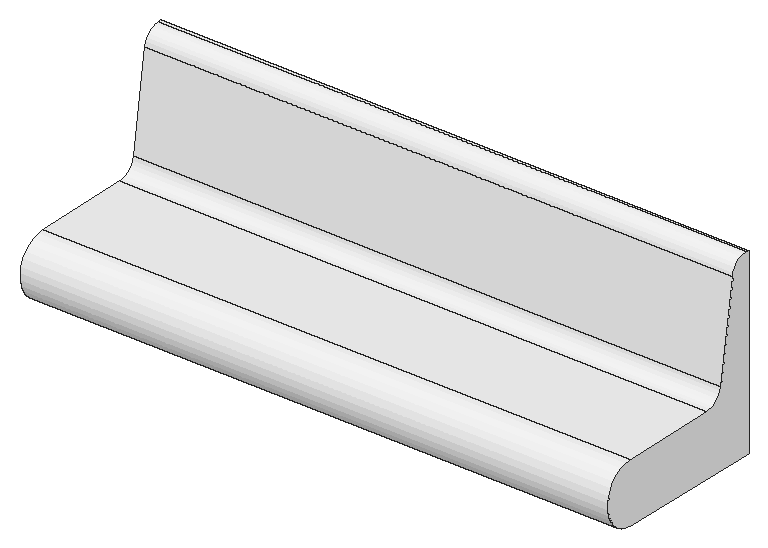
Revit family "NBS_wediSystemsUKLtd_Stng_SanoasaComoda_BenchElement", category Furniture, Revit 2018
Family settings
  Work Plane-Based = No
  Always vertical = Yes
  Cut with Voids When Loaded = No
  Shared = No
  Room Calculation Point = No
Parameters (values of type "BenchElement_SlopeToFront_2000mm")
  WarrantyStartDate [instance] = "1900-12-31T23:59:59"
  WarrantyGuarantorParts = "n/a"
  WarrantyGuarantorLabor = "n/a"
  WarrantyDurationUnit = "year"
  WarrantyDurationParts = "n/a"
  WarrantyDurationLabor = "n/a"
  WarrantyDescription = "available on request"
  Version = "2"  # constant formula
  Uniclass2015Version = "Products v1.14"
  Uniclass2015Title = "Shower seats"
  Uniclass2015Code = "Pr_40_20_06_83"
  TagNumber [instance] = "n/a"
  SustainabilityPerformance = "n/a"
  Style = "Bench element"
  Status = "UNSET"
  Size = "600 x 2000 x 620 mm"
  Shape = "n/a"
  SerialNumber [instance] = "n/a"
  Revision = "n/a"
  ReplacementCost = "n/a"
  Reference = "n/a"
  ProductInformation = "https://www.wedi.de/en/products/design-line/benches-and-loungers/sanoasa-comoda/"
  NominalWidth = 2000 mm
  NominalLength = 2000 mm
  NominalHeight = 620 mm
  NominalDepth = 600 mm
  Name = "Seating_wediSanoasaComodaBenchElement_wediSystemsLtd"
  NBSReference = "45-35-72/352"
  NBSDescription = "Seating"
  NBSCertification = "www.nationalbimlibrary.com/cert/kb5dqbrx"
  ModelReference = "wedi Sanoasa Comoda"
  ModelNumber = "076438000"
  MaterialsSeat = "A waterproof extruded polystyrene rigid foam core with a special, resistant and glass fibre reinforced cement coating"
  MaterialsFrame = "A waterproof extruded polystyrene rigid foam core with a special, resistant and glass fibre reinforced cement coating"
  Material = "A waterproof extruded polystyrene rigid foam core with a special, resistant and glass fibre reinforced cement coating"
  ManufacturerURL = "https://www.wedi.de/uk/"
  ManufacturerName = "wedi Systems (UK) Ltd"  # constant formula
  Manufacturer = "technical@wedi.co.uk"
  MainColor = "Grey"
  IsBuiltIn = yes
  IntegralAccessories = "n/a"
  InstallationDate [instance] = "1900-12-31T23:59:59"
  IfcExportType = "SOFA"  # constant formula
  IfcExportAs = "IfcFurnitureType"  # constant formula
  Grade = "n/a"
  Form = "Practical wellness benches with modular construction"
  Finish = "resistant and glass fibre reinforced cement coating"
  Features = "Sanoasa Comoda benches are available in so many different designs, meaning that they can be built into almost any seating combination"
  ExpectedLife = "30"
  DurationUnit = "year"
  Description = "wedi Sanoasa Comoda, bench element, slope to front"
  Constituents = "n/a"
  Color = "Grey"
  CodePerformance = "n/a"
  Category = "Pr_40_20_06_83:Shower seats"
  BenchMaterial = NBS_Concept
  BarCode [instance] = "n/a"
  BIMObjectName = "NBS_wediSystemsUKLtd_Seating_SanoasaComoda_BenchElement_SlopeToFront_2000mm"
  Author = "NBS"  # constant formula
  AssetType = "Fixed"
  AssetIdentifier [instance] = "n/a"
  AccessibilityPerformance = "n/a"
Types (3, lengths in mm): name | Size | NominalWidth | NominalLength | ModelNumber | BIMObjectName
  (no name) | "600 x 1000 x 620 mm" | 1000 | 1000 | "076447015" | "NBS_wediSystemsUKLtd_Seating_SanoasaComoda_BenchElement_SlopeToFront_1000mm"
  BenchElement_SlopeToFront_1000mm | "600 x 1000 x 620 mm" | 1000 | 1000 | "076447015" | "NBS_wediSystemsUKLtd_Seating_SanoasaComoda_BenchElement_SlopeToFront_1000mm"
  BenchElement_SlopeToFront_2000mm | "600 x 2000 x 620 mm" | 2000 | 2000 | "076438000" | "NBS_wediSystemsUKLtd_Seating_SanoasaComoda_BenchElement_SlopeToFront_2000mm"
Reference planes
  plane 1 "Center (Front/Back)": y = 0
  plane 2 "Bottom": z = 0
  plane 3 "Center (Left/Right)": x = 0
  plane 4 "Left": x = -1000
  plane 5 "Right": x = 1000
  plane 6 "Front": y = -600
  plane 7 "Top": z = 620
Forms (mm)
  Extrusion 1, solid, material "NBS_Concept" <- "BenchMaterial", detail levels medium+fine
    sketch origin (0, 0, 0) x (0, 1, 0) y (0, 0, 1)
      loop
        line (-67.761, 569.386) -> (-117.352, 256.283)
        arc (-117.352, 256.283) -> (-137.25, 220.387) -> (-175.566, 205.678) r 60
        line (-175.566, 205.678) -> (-501.745, 199.985)
        arc (-501.745, 199.985) -> (-599.996, 99.127) -> (-500, 0) r 100
        line (-500, 0) -> (0, 0) -> (0, 620) -> (-8.5, 620)
        arc (-8.5, 620) -> (-47.467, 605.624) -> (-67.761, 569.386) r 60
    from -1000 to 1000
  Extrusion 2, solid, material "NBS_Concept" <- "BenchMaterial", detail levels coarse
    sketch origin (0, 0, 0) x (0, 1, 0) y (0, 0, 1)
      loop
        line (0, 620) -> (-58.891, 620)
        arc (-58.891, 620) -> (-59.54, 619.76) -> (-59.878, 619.156) r 1
        line (-59.878, 619.156) -> (-125.097, 207.386)
        arc (-125.097, 207.386) -> (-125.428, 206.787) -> (-126.067, 206.542) r 1
        line (-126.067, 206.542) -> (-600, 198.27) -> (-600, 0) -> (0, 0) -> (0, 620)
    from -1000 to 1000
Lines and regions (mm)
  symbolic lines, detail levels medium+fine
    curve 1: line (-1000, -126, 0) -> (1000, -126, 0)
    curve 2: line (-1000, 0, 198.27) -> (1000, 0, 198.27)
Dimensions and locks
  equal spacing: plane 4 "Left", plane 3 "Center (Left/Right)", plane 5 "Right"
  "NominalLength": plane 4 "Left" to plane 5 "Right"
  aligned and locked: level to plane 2 "Bottom"
  aligned and locked: Extrusion 1 to plane 5 "Right"
  aligned and locked: Extrusion 1 to plane 4 "Left"
  aligned and locked: plane 1 "Center (Front/Back)" to Extrusion 2 sketch curve
  aligned and locked: plane 6 "Front" to Extrusion 2 sketch curve
  aligned and locked: plane 7 "Top" to Extrusion 2 sketch curve
  aligned and locked: plane 2 "Bottom" to Extrusion 2 sketch curve
  aligned and locked: Extrusion 2 to plane 4 "Left"
  aligned and locked: Extrusion 2 to plane 5 "Right"
  aligned and locked: plane 4 "Left" to curve 1
  aligned and locked: plane 5 "Right" to curve 1
  aligned and locked: plane 4 "Left" to curve 2
  aligned and locked: plane 5 "Right" to curve 2
Automatic sketch dimensions
  Extrusion 1 sketch curve to level = 0 mm
  Extrusion 1 sketch curve to plane 7 "Top" = 0 mm
  Extrusion 1 sketch curve to plane 1 "Center (Front/Back)" = 0 mm
  plane 1 "Center (Front/Back)" to Extrusion 1 sketch curve = 8.5 mm
  Extrusion 1 sketch curve to plane 7 "Top" = 50.614 mm
  Extrusion 1 sketch curve to Extrusion 1 sketch curve = 59.261 mm
  plane 1 "Center (Front/Back)" to Extrusion 1 sketch curve = 117.352 mm
  Extrusion 1 sketch curve to Extrusion 1 sketch curve = 58.214 mm
  Extrusion 1 sketch curve to Extrusion 1 sketch curve = 1.047 mm
  plane 6 "Front" to Extrusion 1 sketch curve = 100 mm
  plane 6 "Front" to Extrusion 1 sketch curve = 98.255 mm
  level to Extrusion 1 sketch curve = 100 mm
  level to Extrusion 1 sketch curve = 205.678 mm
  Extrusion 1 sketch curve to Extrusion 1 sketch curve = 50.605 mm
  plane 1 "Center (Front/Back)" to Extrusion 2 sketch curve = 126.084 mm
  Extrusion 2 sketch curve to Extrusion 2 sketch curve = 0.017 mm
  Extrusion 2 sketch curve to Extrusion 2 sketch curve = 0.988 mm  (x2)
  Extrusion 2 sketch curve to plane 7 "Top" = 0.844 mm
  plane 1 "Center (Front/Back)" to Extrusion 2 sketch curve = 59.878 mm
  level to Extrusion 2 sketch curve = 198.27 mm
  level to Extrusion 2 sketch curve = 206.542 mm
  Extrusion 2 sketch curve to Extrusion 2 sketch curve = 0.843 mm
  plane 1 "Center (Front/Back)" to curve 1 = 126 mm
  level to curve 2 = 198.27 mm
